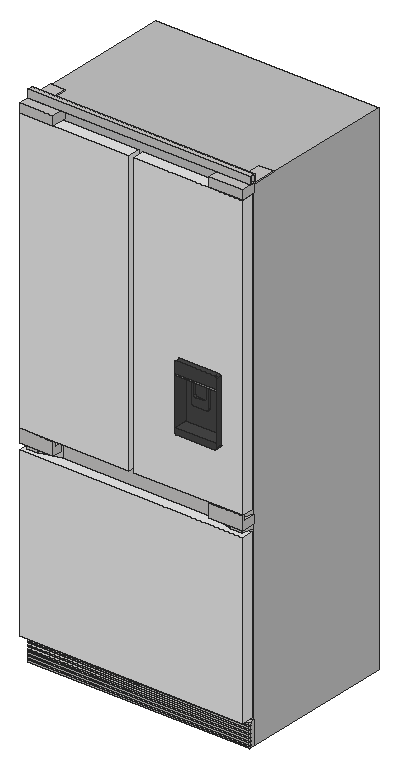
Revit family "FP_Revit_18_RS32A72U1_Fridge_90001164A", category Specialty Equipment, Revit 2018 (continued)
Definition of nested family "F&P Handle Kit - Contemporary Square - Vertical"
  Reference planes
    plane 2: z = 0
    plane 3 "Center (Left/Right)": x = 0
    plane 4 "Top": z = 363.5
    plane 5 "Bottom": z = -363.5
    plane 6 "Top Standoff": z = 243.5
    plane 7 "Bottom Standoff": z = -243.5
  Forms (mm)
    Extrusion 1, solid, material <- "Material - Handle", detail levels fine
      sketch origin (0, 0, 0) x (1, 0, 0) y (0, 1, 0)
        loop
          arc (-7.583, -28.701) -> (-7.89, -29.057) -> (-8, -29.514) r 1
          line (-8, -29.514) -> (-8, -40.5)
          arc (-8, -40.5) -> (-7.561, -41.561) -> (-6.5, -42) r 1.5
          line (-6.5, -42) -> (6.5, -42)
          arc (6.5, -42) -> (7.561, -41.561) -> (8, -40.5) r 1.5
          line (8, -40.5) -> (8, -29.487)
          arc (8, -29.487) -> (7.889, -29.029) -> (7.58, -28.673) r 1
          arc (7.58, -28.673) -> (-0.006, -26.256) -> (-7.583, -28.701) r 13.038
      from -363.5 to 363.5
    Extrusion 2, solid, material <- "Material - Handle", detail levels fine
      sketch origin (0, 0, 0) x (1, 0, 0) y (0, 1, 0)
        loop
          arc (7.058, -28.23) -> (7.466, -28.244) -> (7.674, -27.893) r 0.4
          line (7.674, -27.893) -> (7.674, 0) -> (-7.674, 0) -> (-7.674, -27.86)
          arc (-7.674, -27.86) -> (-7.467, -28.21) -> (-7.06, -28.198) r 0.4
          arc (-7.06, -28.198) -> (0.004, -26.156) -> (7.058, -28.23) r 13.136
      from 243.5 to 363.5
    Extrusion 3, solid, material <- "Material - Handle", detail levels fine
      sketch origin (0, 0, 0) x (1, 0, 0) y (0, 1, 0)
        loop
          arc (7.058, -28.23) -> (7.466, -28.244) -> (7.674, -27.893) r 0.4
          line (7.674, -27.893) -> (7.674, 0) -> (-7.674, 0) -> (-7.674, -27.86)
          arc (-7.674, -27.86) -> (-7.467, -28.21) -> (-7.06, -28.198) r 0.4
          arc (-7.06, -28.198) -> (0.004, -26.156) -> (7.058, -28.23) r 13.136
      from -363.5 to -243.5
    Sweep 4, void
      path in 3D
        loop
          line (-8, -29.514, 363.5) -> (-8, -40.5, 363.5)
          arc (-8, -40.5, 363.5) -> (-7.561, -41.561, 363.5) -> (-6.5, -42, 363.5) r 1.5
          line (-6.5, -42, 363.5) -> (6.5, -42, 363.5)
          arc (6.5, -42, 363.5) -> (7.561, -41.561, 363.5) -> (8, -40.5, 363.5) r 1.5
          line (8, -40.5, 363.5) -> (8, -29.487, 363.5)
      profile origin (8, -34.994, 363.5) x (-1, 0, 0) y (0, 0, 1)
        loop
          line (0, 0) -> (0, -1.3) -> (1.3, 0) -> (0, 0)
    Sweep 5, void
      path in 3D
        loop
          line (8, -29.487, -363.5) -> (8, -40.5, -363.5)
          arc (8, -40.5, -363.5) -> (7.561, -41.561, -363.5) -> (6.5, -42, -363.5) r 1.5
          line (6.5, -42, -363.5) -> (-6.5, -42, -363.5)
          arc (-6.5, -42, -363.5) -> (-7.561, -41.561, -363.5) -> (-8, -40.5, -363.5) r 1.5
          line (-8, -40.5, -363.5) -> (-8, -29.514, -363.5)
      profile origin (8, -34.994, -363.5) x (-1, 0, 0) y (0, 0, -1)
        loop
          line (0, 0) -> (0, -1.3) -> (1.3, 0) -> (0, 0)
    Extrusion 6, void
      sketch origin (0, 0, 0) x (1, 0, 0) y (0, 0, 1)
        loop
          line (-8, -362.2) -> (-8, -363.5) -> (-6.7, -363.5) -> (-8, -362.2)
        loop
          line (8, -362.2) -> (6.7, -363.5) -> (8, -363.5) -> (8, -362.2)
      from 0 to 40
    Extrusion 7, void
      sketch origin (0, 0, 0) x (1, 0, 0) y (0, 0, 1)
        loop
          line (-8, 363.5) -> (-8, 362.2) -> (-6.7, 363.5) -> (-8, 363.5)
        loop
          line (8, 363.5) -> (6.7, 363.5) -> (8, 362.2) -> (8, 363.5)
      from 0 to 40
    Extrusion 8, solid, material <- "Material - Handle", detail levels coarse+medium
      sketch origin (0, 0, 0) x (0, 1, 0) y (0, 0, 1)
        loop
          line (0, 363.5) -> (-42, 363.5) -> (-42, -363.5) -> (0, -363.5) -> (0, -243.5) -> (-26.245, -243.5) -> (-26.245, 243.5) -> (0, 243.5) -> (0, 363.5)
      from -8 to 8
  Cuts and joins
    Sweep 4, Sweep 5, Extrusion 6, Extrusion 7 cuts Extrusion 1
    Extrusion 6 cuts Extrusion 3
    Extrusion 7 cuts Extrusion 2
  Lines and regions (mm)
    sketch lines
      curve 1: line (8, -40.5, 363.5) -> (8, -29.487, 363.5)
      curve 2: arc (8, -40.5, 363.5) -> (7.561, -41.561, 363.5) -> (6.5, -42, 363.5) r 1.5
      curve 3: line (-6.5, -42, 363.5) -> (6.5, -42, 363.5)
      curve 4: arc (-6.5, -42, 363.5) -> (-7.561, -41.561, 363.5) -> (-8, -40.5, 363.5) r 1.5
      curve 5: line (-8, -29.514, 363.5) -> (-8, -40.5, 363.5)
      curve 6: line (8, -29.487, -363.5) -> (8, -40.5, -363.5)
      curve 7: arc (6.5, -42, -363.5) -> (7.561, -41.561, -363.5) -> (8, -40.5, -363.5) r 1.5
      curve 8: line (6.5, -42, -363.5) -> (-6.5, -42, -363.5)
      curve 9: arc (-8, -40.5, -363.5) -> (-7.561, -41.561, -363.5) -> (-6.5, -42, -363.5) r 1.5
      curve 10: line (-8, -40.5, -363.5) -> (-8, -29.514, -363.5)
  Dimensions and locks
    equal spacing: plane 4 "Top", level, plane 5 "Bottom"
    "Handle - Length": plane 4 "Top" to plane 5 "Bottom"
    locked: plane 4 "Top" to plane 6 "Top Standoff" at 120
    locked: plane 7 "Bottom Standoff" to plane 5 "Bottom" at 120
    aligned and locked: level to plane 2
    aligned and locked: plane 4 "Top" to Extrusion 2
    aligned and locked: Extrusion 2 to plane 6 "Top Standoff"
    aligned and locked: plane 4 "Top" to Extrusion 1
    aligned and locked: Extrusion 1 to plane 5 "Bottom"
    aligned and locked: Extrusion 3 to plane 5 "Bottom"
    aligned and locked: plane 7 "Bottom Standoff" to Extrusion 3
    aligned and locked: plane 4 "Top" to Extrusion 8 sketch curve
    aligned and locked: plane 6 "Top Standoff" to Extrusion 8 sketch curve
    aligned and locked: plane 7 "Bottom Standoff" to Extrusion 8 sketch curve
    aligned and locked: plane 5 "Bottom" to Extrusion 8 sketch curve
    aligned and locked: plane 1 "Center (Front/Back)" to Extrusion 8 sketch curve  (x2)
  Automatic sketch dimensions
    Extrusion 1 sketch curve to plane 3 "Center (Left/Right)" = 8 mm
    Extrusion 1 sketch curve to Extrusion 1 sketch curve = 1 mm  (x2)
    Extrusion 1 sketch curve to Extrusion 1 sketch curve = 1.5 mm
    plane 3 "Center (Left/Right)" to Extrusion 1 sketch curve = 0.018 mm
    plane 3 "Center (Left/Right)" to Extrusion 1 sketch curve = 6.5 mm
    plane 3 "Center (Left/Right)" to Extrusion 1 sketch curve = 7 mm
    plane 1 "Center (Front/Back)" to Extrusion 1 sketch curve = 42 mm
    Extrusion 1 sketch curve to Extrusion 1 sketch curve = 1.206 mm
    Extrusion 1 sketch curve to Extrusion 1 sketch curve = 10.986 mm
    Extrusion 1 sketch curve to Extrusion 1 sketch curve = 11.013 mm
    Extrusion 1 sketch curve to Extrusion 1 sketch curve = 0 mm
    plane 1 "Center (Front/Back)" to Extrusion 2 sketch curve = 0 mm
    Extrusion 2 sketch curve to plane 3 "Center (Left/Right)" = 7.674 mm
    Extrusion 2 sketch curve to Extrusion 2 sketch curve = 0.4 mm  (x2)
    Extrusion 2 sketch curve to plane 3 "Center (Left/Right)" = 0.026 mm
    plane 3 "Center (Left/Right)" to Extrusion 2 sketch curve = 7.274 mm
    plane 1 "Center (Front/Back)" to Extrusion 2 sketch curve = 27.86 mm
    Extrusion 2 sketch curve to Extrusion 2 sketch curve = 0.033 mm
    Extrusion 2 sketch curve to Extrusion 2 sketch curve = 11.398 mm
    Extrusion 2 sketch curve to Extrusion 2 sketch curve = 0 mm
    plane 1 "Center (Front/Back)" to Extrusion 3 sketch curve = 0 mm
    Extrusion 3 sketch curve to Extrusion 3 sketch curve = 0.4 mm  (x2)
    Extrusion 3 sketch curve to Extrusion 3 sketch curve = 7.248 mm
    Extrusion 3 sketch curve to Extrusion 3 sketch curve = 7.3 mm
    plane 1 "Center (Front/Back)" to Extrusion 3 sketch curve = 27.86 mm
    Extrusion 3 sketch curve to Extrusion 3 sketch curve = 0.033 mm
    Extrusion 3 sketch curve to Extrusion 3 sketch curve = 11.398 mm
    Extrusion 3 sketch curve to Extrusion 3 sketch curve = 0 mm
    Sweep 4 sketch curve to profile plane = 0 mm  (x2)
    Sweep 4 sketch curve to profile plane = 1.3 mm  (x2)
    Sweep 5 sketch curve to profile plane = 0 mm  (x2)
    Sweep 5 sketch curve to profile plane = 1.3 mm  (x2)
    Extrusion 6 sketch curve to plane 5 "Bottom" = 0 mm  (x2)
    plane 5 "Bottom" to Extrusion 6 sketch curve = 1.3 mm  (x2)
    Extrusion 6 sketch curve to plane 3 "Center (Left/Right)" = 8 mm
    Extrusion 6 sketch curve to Extrusion 6 sketch curve = 1.3 mm  (x2)
    plane 3 "Center (Left/Right)" to Extrusion 6 sketch curve = 8 mm
    Extrusion 7 sketch curve to plane 4 "Top" = 0 mm  (x2)
    Extrusion 7 sketch curve to plane 3 "Center (Left/Right)" = 8 mm
    Extrusion 7 sketch curve to Extrusion 7 sketch curve = 1.3 mm  (x2)
    plane 3 "Center (Left/Right)" to Extrusion 7 sketch curve = 8 mm
    Extrusion 7 sketch curve to plane 4 "Top" = 1.3 mm  (x2)
    plane 1 "Center (Front/Back)" to Extrusion 8 sketch curve = 26.245 mm
    plane 1 "Center (Front/Back)" to Extrusion 8 sketch curve = 42 mm
    Extrusion 3 sketch curve to plane 3 "Center (Left/Right)" = 7.674 mm
Definition of nested family "F&P Handle Kit - Professional Round - Horizontal"
  Parameters (values of type "AHCRS3272A - Professional round handle (2 of 2) (Horizontal) 646mm")
    URL = "www.fisherpaykel.com"
    Material - Standoff = none
    Material - Handle = none
    Manufacturer = "Fisher & Paykel Appliances"
    Handle - Length = 646 mm
  Types (5, lengths in mm): name | Handle - Length
    AHCRD2484W - Professional round handle (2 of 2) (Horizontal) 428mm | 428
    AHCRD3084W - Professional round handle (2 of 2) (Horizontal) 580mm | 646
    AHCRS3272A - Professional round handle (2 of 2) (Horizontal) 646mm | 646
    AHCRS36A - Professional round handle (2 of 2) (Horizontal) 746mm | 746
    AHCRS3272A - Professional round handle (2 of 2) (Horizontal) 580mm | 646
  Reference planes
    plane 1 "Center (Front/Back)": y = 0
    plane 2: z = 0
    plane 3 "Center (Left/Right)": x = 0
    plane 4 "Product LHS": x = -323
    plane 5 "Product RHS": x = 323
    plane 6 "LHS Standoff": x = -279
    plane 7 "RHS Standoff": x = 279
  Forms (mm)
    Extrusion 1, solid, material <- "Material - Standoff", detail levels fine
      sketch origin (0, 0, 0) x (0, 1, 0) y (0, 0, 1)
        loop
          line (0, 18.5) -> (-41.7, 18.5)
          arc (-41.7, 18.5) -> (-60.2, 0) -> (-41.7, -18.5) r 18.5
          line (-41.7, -18.5) -> (0, -18.5) -> (0, 18.5)
      from 279 to 323
    Extrusion 2, solid, material <- "Material - Standoff", detail levels fine
      sketch origin (0, 0, 0) x (0, 1, 0) y (0, 0, 1)
        loop
          line (0, 18.5) -> (-41.7, 18.5)
          arc (-41.7, 18.5) -> (-60.2, 0) -> (-41.7, -18.5) r 18.5
          line (-41.7, -18.5) -> (0, -18.5) -> (0, 18.5)
      from -323 to -279
    Sweep 3, void
      path in 3D
        loop
          line (323, 0, 18.5) -> (323, -41.7, 18.5)
          arc (323, -41.7, 18.5) -> (323, -60.2, 0) -> (323, -41.7, -18.5) r 18.5
          line (323, -41.7, -18.5) -> (323, 0, -18.5)
      profile origin (323, -20.85, 18.5) x (1, 0, 0) y (0, 0, 1)
        loop
          line (0, 0) -> (-3, 0) -> (0, -3) -> (0, 0)
    Sweep 4, void
      path in 3D
        loop
          line (-323, 0, -18.5) -> (-323, -41.7, -18.5)
          arc (-323, -41.7, -18.5) -> (-323, -60.2, 0) -> (-323, -41.7, 18.5) r 18.5
          line (-323, -41.7, 18.5) -> (-323, 0, 18.5)
      profile origin (-323, -20.85, 18.5) x (-1, 0, 0) y (0, 0, 1)
        loop
          line (0, 0) -> (-3, 0) -> (0, -3) -> (0, 0)
    Extrusion 5, solid, material <- "Material - Handle"
      sketch origin (0, -2.3, 0) x (0, 1, 0) y (0, 0, 1)
        loop
          circle (-39.4, 0) r 12.7
      from -279 to 279
    Extrusion 6, solid, material <- "Material - Standoff", detail levels coarse+medium
      sketch origin (0, 0, 0) x (0, 1, 0) y (0, 0, 1)
        loop
          line (0, 18.5) -> (-41.7, 18.5)
          arc (-41.7, 18.5) -> (-60.2, 0) -> (-41.7, -18.5) r 18.5
          line (-41.7, -18.5) -> (0, -18.5) -> (0, 18.5)
      from 323 to 279
    Extrusion 7, solid, material <- "Material - Standoff", detail levels coarse+medium
      sketch origin (0, 0, 0) x (0, 1, 0) y (0, 0, 1)
        loop
          line (0, 18.5) -> (-41.7, 18.5)
          arc (-41.7, 18.5) -> (-60.2, 0) -> (-41.7, -18.5) r 18.5
          line (-41.7, -18.5) -> (0, -18.5) -> (0, 18.5)
      from -279 to -323
  Cuts and joins
    Sweep 3 cuts Extrusion 1
    Sweep 4 cuts Extrusion 2
  Lines and regions (mm)
    sketch lines
      curve 1: line (323, 0, 18.5) -> (323, -41.7, 18.5)
      curve 2: arc (323, -41.7, -18.5) -> (323, -60.2, 0) -> (323, -41.7, 18.5) r 18.5
      curve 3: line (323, -41.7, -18.5) -> (323, 0, -18.5)
      curve 4: line (-323, -41.7, 18.5) -> (-323, 0, 18.5)
      curve 5: arc (-323, -41.7, 18.5) -> (-323, -60.2, 0) -> (-323, -41.7, -18.5) r 18.5
      curve 6: line (-323, 0, -18.5) -> (-323, -41.7, -18.5)
  Dimensions and locks
    equal spacing: plane 4 "Product LHS", plane 3 "Center (Left/Right)", plane 5 "Product RHS"
    "Handle - Length": plane 4 "Product LHS" to plane 5 "Product RHS"
    plane 4 "Product LHS" to plane 6 "LHS Standoff" = 44 mm
    plane 7 "RHS Standoff" to plane 5 "Product RHS" = 44 mm
    aligned and locked: level to plane 2
    aligned and locked: Extrusion 1 to plane 7 "RHS Standoff"
    aligned and locked: Extrusion 1 to plane 5 "Product RHS"
    aligned and locked: plane 4 "Product LHS" to Extrusion 2
    aligned and locked: plane 6 "LHS Standoff" to Extrusion 2
    aligned and locked: Extrusion 5 to plane 6 "LHS Standoff"
    aligned and locked: plane 7 "RHS Standoff" to Extrusion 5
    aligned and locked: plane 5 "Product RHS" to Extrusion 6
    aligned and locked: plane 7 "RHS Standoff" to Extrusion 6
    aligned and locked: Extrusion 7 to plane 4 "Product LHS"
    aligned and locked: Extrusion 7 to plane 6 "LHS Standoff"
  Automatic sketch dimensions
    Extrusion 1 sketch curve to level = 0 mm
    Extrusion 1 sketch curve to plane 1 "Center (Front/Back)" = 0 mm
    Extrusion 1 sketch curve to level = 18.5 mm
    plane 1 "Center (Front/Back)" to Extrusion 1 sketch curve = 41.7 mm
    Extrusion 2 sketch curve to level = 0 mm
    Extrusion 2 sketch curve to plane 1 "Center (Front/Back)" = 0 mm
    Extrusion 2 sketch curve to level = 18.5 mm
    plane 1 "Center (Front/Back)" to Extrusion 2 sketch curve = 41.7 mm
    Sweep 3 sketch curve to profile plane = 0 mm
    profile plane to Sweep 3 sketch curve = 0 mm
    profile plane to Sweep 3 sketch curve = 3 mm
    Sweep 3 sketch curve to profile plane = 3 mm
    Sweep 4 sketch curve to profile plane = 0 mm  (x2)
    profile plane to Sweep 4 sketch curve = 3 mm
    Sweep 4 sketch curve to profile plane = 3 mm
    Extrusion 5 sketch curve to level = 0 mm
    plane 1 "Center (Front/Back)" to Extrusion 5 sketch curve = 41.7 mm
    Extrusion 6 sketch curve to level = 0 mm
    level to Extrusion 6 sketch curve = 18.5 mm
    plane 1 "Center (Front/Back)" to Extrusion 6 sketch curve = 41.7 mm
    Extrusion 6 sketch curve to Extrusion 6 sketch curve = 41.7 mm
    Extrusion 7 sketch curve to level = 0 mm
    level to Extrusion 7 sketch curve = 18.5 mm
    plane 1 "Center (Front/Back)" to Extrusion 7 sketch curve = 41.7 mm
    Extrusion 7 sketch curve to Extrusion 7 sketch curve = 41.7 mm
    radius of Extrusion 5 sketch curve = 12.7 mm
Definition of nested family "F&P Handle Kit - Professional Round - Vertical"
  Parameters (values of type "AHCRS36A - Professional round handle (1 of 2) (Vertical) 661mm")
    URL = "www.fisherpaykel.com"
    Material - Standoff = none
    Material - Handle = none
    Manufacturer = "Fisher & Paykel Appliances"
    Handle - Length = 661 mm
  Types (5, lengths in mm): name | Handle - Length
    AHCRD2484W - Professional round handle (1 of 2) (Vertical) 661mm | 661
    AHCRD3084W - Professional round handle (1 of 2) (Vertical) 661mm | 661
    AHC-RD84 - Professional round handle (Vertical) 786mm | 786
    AHCRS3272A - Professional round handle (1 of 2) (Vertical) 661mm | 661
    AHCRS36A - Professional round handle (1 of 2) (Vertical) 661mm | 661
  Reference planes
    plane 1 "Center (Front/Back)": y = 0
    plane 2: z = 0
    plane 3 "Center (Left/Right)": x = 0
    plane 4 "Top": z = 330.5
    plane 5 "Bottom": z = -330.5
    plane 6 "Top Standoff": z = 286.5
    plane 7 "Bottom Standoff": z = -286.5
  Forms (mm)
    Extrusion 1, solid, material <- "Material - Standoff", detail levels fine
      sketch origin (0, 0, 0) x (1, 0, 0) y (0, 1, 0)
        loop
          line (-18.5, 0) -> (-18.5, -41.7)
          arc (-18.5, -41.7) -> (0, -60.2) -> (18.5, -41.7) r 18.5
          line (18.5, -41.7) -> (18.5, 0) -> (-18.5, 0)
      from 286.5 to 330.5
    Extrusion 2, solid, material <- "Material - Standoff", detail levels fine
      sketch origin (0, 0, 0) x (1, 0, 0) y (0, 1, 0)
        loop
          line (-18.5, 0) -> (-18.5, -41.7)
          arc (-18.5, -41.7) -> (0, -60.2) -> (18.5, -41.7) r 18.5
          line (18.5, -41.7) -> (18.5, 0) -> (-18.5, 0)
      from -330.5 to -286.5
    Extrusion 3, solid, material <- "Material - Handle"
      sketch origin (0, 0, 0) x (1, 0, 0) y (0, 1, 0)
        loop
          circle (0, -41.7) r 12.7
      from -286.5 to 286.5
    Sweep 4, void
      path in 3D
        loop
          line (-18.5, 0, 330.5) -> (-18.5, -41.7, 330.5)
          arc (-18.5, -41.7, 330.5) -> (0, -60.2, 330.5) -> (18.5, -41.7, 330.5) r 18.5
          line (18.5, -41.7, 330.5) -> (18.5, 0, 330.5)
      profile origin (18.5, -20.85, 330.5) x (-1, 0, 0) y (0, 0, 1)
        loop
          line (0, 0) -> (0, -3) -> (3, 0) -> (0, 0)
    Sweep 5, void
      path in 3D
        loop
          line (18.5, 0, -330.5) -> (18.5, -41.7, -330.5)
          arc (18.5, -41.7, -330.5) -> (0, -60.2, -330.5) -> (-18.5, -41.7, -330.5) r 18.5
          line (-18.5, -41.7, -330.5) -> (-18.5, 0, -330.5)
      profile origin (18.5, -20.85, -330.5) x (-1, 0, 0) y (0, 0, -1)
        loop
          line (0, 0) -> (0, -3) -> (3, 0) -> (0, 0)
    Extrusion 6, solid, material <- "Material - Standoff", detail levels coarse+medium
      sketch origin (0, 0, 0) x (1, 0, 0) y (0, 1, 0)
        loop
          line (-18.5, 0) -> (-18.5, -41.7)
          arc (-18.5, -41.7) -> (0, -60.2) -> (18.5, -41.7) r 18.5
          line (18.5, -41.7) -> (18.5, 0) -> (-18.5, 0)
      from 286.5 to 330.5
    Extrusion 7, solid, material <- "Material - Standoff", detail levels coarse+medium
      sketch origin (0, 0, 0) x (1, 0, 0) y (0, 1, 0)
        loop
          line (-18.5, 0) -> (-18.5, -41.7)
          arc (-18.5, -41.7) -> (0, -60.2) -> (18.5, -41.7) r 18.5
          line (18.5, -41.7) -> (18.5, 0) -> (-18.5, 0)
      from -330.5 to -286.5
  Cuts and joins
    Sweep 4 cuts Extrusion 1
    Sweep 5 cuts Extrusion 2
  Lines and regions (mm)
    sketch lines
      curve 1: line (18.5, -41.7, 330.5) -> (18.5, 0, 330.5)
      curve 2: arc (18.5, -41.7, 330.5) -> (0, -60.2, 330.5) -> (-18.5, -41.7, 330.5) r 18.5
      curve 3: line (-18.5, 0, 330.5) -> (-18.5, -41.7, 330.5)
      curve 4: line (18.5, 0, -330.5) -> (18.5, -41.7, -330.5)
      curve 5: arc (-18.5, -41.7, -330.5) -> (0, -60.2, -330.5) -> (18.5, -41.7, -330.5) r 18.5
      curve 6: line (-18.5, -41.7, -330.5) -> (-18.5, 0, -330.5)
  Dimensions and locks
    equal spacing: plane 4 "Top", level, plane 5 "Bottom"
    "Handle - Length": plane 4 "Top" to plane 5 "Bottom"
    plane 4 "Top" to plane 6 "Top Standoff" = 44 mm
    plane 7 "Bottom Standoff" to plane 5 "Bottom" = 44 mm
    aligned and locked: level to plane 2
    aligned and locked: plane 4 "Top" to Extrusion 1
    aligned and locked: Extrusion 1 to plane 6 "Top Standoff"
    aligned and locked: Extrusion 2 to plane 5 "Bottom"
    aligned and locked: plane 7 "Bottom Standoff" to Extrusion 2
    aligned and locked: plane 6 "Top Standoff" to Extrusion 3
    aligned and locked: Extrusion 3 to plane 7 "Bottom Standoff"
    aligned and locked: plane 4 "Top" to Extrusion 6
    aligned and locked: Extrusion 7 to plane 5 "Bottom"
    aligned and locked: plane 7 "Bottom Standoff" to Extrusion 7
    aligned and locked: Extrusion 6 to plane 6 "Top Standoff"
  Automatic sketch dimensions
    plane 1 "Center (Front/Back)" to Extrusion 1 sketch curve = 0 mm
    Extrusion 1 sketch curve to plane 3 "Center (Left/Right)" = 0 mm
    Extrusion 1 sketch curve to plane 3 "Center (Left/Right)" = 18.5 mm
    plane 1 "Center (Front/Back)" to Extrusion 1 sketch curve = 41.7 mm
    plane 1 "Center (Front/Back)" to Extrusion 2 sketch curve = 0 mm
    Extrusion 2 sketch curve to plane 3 "Center (Left/Right)" = 0 mm
    Extrusion 2 sketch curve to plane 3 "Center (Left/Right)" = 18.5 mm
    plane 1 "Center (Front/Back)" to Extrusion 2 sketch curve = 41.7 mm
    Extrusion 3 sketch curve to plane 3 "Center (Left/Right)" = 0 mm
    plane 1 "Center (Front/Back)" to Extrusion 3 sketch curve = 41.7 mm
    Sweep 4 sketch curve to profile plane = 0 mm  (x2)
    Sweep 4 sketch curve to profile plane = 3 mm  (x2)
    Sweep 5 sketch curve to profile plane = 0 mm  (x2)
    Sweep 5 sketch curve to profile plane = 3 mm  (x2)
    Extrusion 6 sketch curve to plane 3 "Center (Left/Right)" = 0 mm
    Extrusion 6 sketch curve to plane 3 "Center (Left/Right)" = 18.5 mm
    plane 1 "Center (Front/Back)" to Extrusion 6 sketch curve = 41.7 mm
    Extrusion 6 sketch curve to Extrusion 6 sketch curve = 41.7 mm
    Extrusion 7 sketch curve to plane 3 "Center (Left/Right)" = 0 mm
    Extrusion 7 sketch curve to plane 3 "Center (Left/Right)" = 18.5 mm
    plane 1 "Center (Front/Back)" to Extrusion 7 sketch curve = 41.7 mm
    Extrusion 7 sketch curve to Extrusion 7 sketch curve = 41.7 mm
    radius of Extrusion 3 sketch curve = 12.7 mm
Definition of nested family "F&P Handle Kit - Professional Square - Horizontal"
  Parameters (values of type "AHV2RS36A - Professional square handle (2 of 2) (Horizontal) 686mm")
    URL = "www.fisherpaykel.com"
    Material - Handle = none
    Manufacturer = "Fisher & Paykel Appliances"
    Handle - Length = 686 mm
  Types (5, lengths in mm): name | Handle - Length
    (no name) | 686
    AHV2RD2484W - Professional square handle (2 of 2) (Horizontal) 434mm | 434
    AHV2RD3084W - Professional square handle (2 of 2) (Horizontal) 586mm | 586
    AHV2RS3272A - Professional square handle (2 of 2) (Horizontal) 586mm | 586
    AHV2RS36A - Professional square handle (2 of 2) (Horizontal) 686mm | 686
  Reference planes
    plane 1 "Center (Front/Back)": y = 0
    plane 2: z = 0
    plane 3 "Center (Left/Right)": x = 0
    plane 4 "Product LHS": x = -343
    plane 5 "Product RHS": x = 343
    plane 6 "LHS Standoff": x = -293
    plane 7 "RHS Standoff": x = 293
  Forms (mm)
    Extrusion 1, solid, material <- "Material - Handle", detail levels fine
      sketch origin (0, 0, 0) x (1, 0, 0) y (0, 1, 0)
        loop
          line (-343, 0) -> (-343, -40)
          arc (-343, -40) -> (-340.071, -47.071) -> (-333, -50) r 10
          line (-333, -50) -> (-293, -50) -> (-293, 0) -> (-343, 0)
        loop
          line (343, 0) -> (293, 0) -> (293, -50) -> (333, -50)
          arc (333, -50) -> (340.071, -47.071) -> (343, -40) r 10
          line (343, -40) -> (343, 0)
      from -17.5 to 17.5
    Extrusion 2, solid, material <- "Material - Handle", detail levels fine
      sketch origin (0, 0, 0) x (0, 1, 0) y (0, 0, 1)
        loop
          line (-36.787, 15.5) -> (-46.472, 15.5) -> (-47.8, 14.172) -> (-47.8, -14.172) -> (-46.472, -15.5) -> (-36.787, -15.5)
          arc (-36.787, -15.5) -> (-32.3, 0) -> (-36.787, 15.5) r 29.013
      from -293 to 293
    Sweep 3, void
      path in 3D
        loop
          line (293, -50, 17.5) -> (333, -50, 17.5)
          arc (333, -50, 17.5) -> (340.071, -47.071, 17.5) -> (343, -40, 17.5) r 10
          line (343, -40, 17.5) -> (343, 0, 17.5)
      profile origin (343, -20, 17.5) x (-1, 0, 0) y (0, 0, 1)
        loop
          line (0, 0) -> (0, -2.5) -> (2.5, 0) -> (0, 0)
    Sweep 4, void
      path in 3D
        loop
          line (343, 0, -17.5) -> (343, -40, -17.5)
          arc (343, -40, -17.5) -> (340.071, -47.071, -17.5) -> (333, -50, -17.5) r 10
          line (333, -50, -17.5) -> (293, -50, -17.5)
      profile origin (343, -20, -17.5) x (-1, 0, 0) y (0, 0, -1)
        loop
          line (0, 0) -> (0, -2.5) -> (2.5, 0) -> (0, 0)
    Sweep 5, void
      path in 3D
        loop
          line (-343, 0, 17.5) -> (-343, -40, 17.5)
          arc (-343, -40, 17.5) -> (-340.071, -47.071, 17.5) -> (-333, -50, 17.5) r 10
          line (-333, -50, 17.5) -> (-293, -50, 17.5)
      profile origin (-343, -20, 17.5) x (1, 0, 0) y (0, 0, 1)
        loop
          line (0, 0) -> (0, -2.5) -> (2.5, 0) -> (0, 0)
    Sweep 6, void
      path in 3D
        loop
          line (-293, -50, -17.5) -> (-333, -50, -17.5)
          arc (-333, -50, -17.5) -> (-340.071, -47.071, -17.5) -> (-343, -40, -17.5) r 10
          line (-343, -40, -17.5) -> (-343, 0, -17.5)
      profile origin (-343, -20, -17.5) x (1, 0, 0) y (0, 0, -1)
        loop
          line (0, 0) -> (0, -2.5) -> (2.5, 0) -> (0, 0)
    Extrusion 7, solid, material <- "Material - Handle", detail levels coarse+medium
      sketch origin (0, 0, 0) x (1, 0, 0) y (0, 1, 0)
        loop
          line (-293, 0) -> (-343, 0) -> (-343, -40)
          arc (-343, -40) -> (-340.071, -47.071) -> (-333, -50) r 10
          line (-333, -50) -> (333, -50)
          arc (333, -50) -> (340.071, -47.071) -> (343, -40) r 10
          line (343, -40) -> (343, 0) -> (293, 0) -> (293, -32) -> (-293, -32) -> (-293, 0)
      from -17.5 to 17.5
  Cuts and joins
    Sweep 3, Sweep 4, Sweep 5, Sweep 6 cuts Extrusion 1
  Lines and regions (mm)
    sketch lines
      curve 1: line (343, -40, 17.5) -> (343, 0, 17.5)
      curve 2: arc (343, -40, 17.5) -> (340.071, -47.071, 17.5) -> (333, -50, 17.5) r 10
      curve 3: line (293, -50, 17.5) -> (333, -50, 17.5)
      curve 4: line (343, 0, -17.5) -> (343, -40, -17.5)
      curve 5: arc (333, -50, -17.5) -> (340.071, -47.071, -17.5) -> (343, -40, -17.5) r 10
      curve 6: line (333, -50, -17.5) -> (293, -50, -17.5)
      curve 7: line (-343, 0, 17.5) -> (-343, -40, 17.5)
      curve 8: arc (-333, -50, 17.5) -> (-340.071, -47.071, 17.5) -> (-343, -40, 17.5) r 10
      curve 9: line (-333, -50, 17.5) -> (-293, -50, 17.5)
      curve 10: line (-343, -40, -17.5) -> (-343, 0, -17.5)
      curve 11: arc (-343, -40, -17.5) -> (-340.071, -47.071, -17.5) -> (-333, -50, -17.5) r 10
      curve 12: line (-293, -50, -17.5) -> (-333, -50, -17.5)
  Dimensions and locks
    equal spacing: plane 4 "Product LHS", plane 3 "Center (Left/Right)", plane 5 "Product RHS"
    "Handle - Length": plane 4 "Product LHS" to plane 5 "Product RHS"
    plane 4 "Product LHS" to plane 6 "LHS Standoff" = 50 mm
    plane 7 "RHS Standoff" to plane 5 "Product RHS" = 50 mm
    aligned and locked: level to plane 2
    aligned and locked: plane 5 "Product RHS" to Extrusion 1 sketch curve
    aligned and locked: Extrusion 1 sketch curve to plane 1 "Center (Front/Back)"
    aligned and locked: plane 1 "Center (Front/Back)" to Extrusion 1 sketch curve
    aligned and locked: Extrusion 1 sketch curve to plane 6 "LHS Standoff"
    aligned and locked: Extrusion 1 sketch curve to plane 7 "RHS Standoff"
    aligned and locked: plane 7 "RHS Standoff" to Extrusion 2
    aligned and locked: Extrusion 2 to plane 6 "LHS Standoff"
    aligned and locked: plane 5 "Product RHS" to Extrusion 7 sketch curve
    aligned and locked: Extrusion 7 sketch curve to plane 7 "RHS Standoff"
    aligned and locked: plane 6 "LHS Standoff" to Extrusion 7 sketch curve
    aligned and locked: plane 4 "Product LHS" to Extrusion 7 sketch curve
    aligned and locked: Extrusion 7 sketch curve to plane 1 "Center (Front/Back)"
    aligned and locked: plane 1 "Center (Front/Back)" to Extrusion 7 sketch curve
  Automatic sketch dimensions
    Extrusion 1 sketch curve to plane 4 "Product LHS" = 0 mm
    Extrusion 1 sketch curve to plane 4 "Product LHS" = 10 mm
    plane 5 "Product RHS" to Extrusion 1 sketch curve = 10 mm
    Extrusion 1 sketch curve to Extrusion 1 sketch curve = 40 mm  (x2)
    level to Extrusion 2 sketch curve = 0 mm
    plane 1 "Center (Front/Back)" to Extrusion 2 sketch curve = 61.313 mm
    Extrusion 2 sketch curve to Extrusion 2 sketch curve = 13.513 mm
    Extrusion 2 sketch curve to Extrusion 2 sketch curve = 1.328 mm  (x4)
    Extrusion 2 sketch curve to Extrusion 2 sketch curve = 9.684 mm  (x2)
    Extrusion 2 sketch curve to Extrusion 2 sketch curve = 14.172 mm
    Sweep 3 sketch curve to profile plane = 0 mm  (x2)
    Sweep 3 sketch curve to profile plane = 2.5 mm  (x2)
    Sweep 4 sketch curve to profile plane = 0 mm  (x2)
    Sweep 4 sketch curve to profile plane = 2.5 mm  (x2)
    profile plane to Sweep 5 sketch curve = 0 mm
    Sweep 5 sketch curve to profile plane = 0 mm
    Sweep 5 sketch curve to profile plane = 2.5 mm  (x2)
    profile plane to Sweep 6 sketch curve = 0 mm
    Sweep 6 sketch curve to profile plane = 0 mm
    Sweep 6 sketch curve to profile plane = 2.5 mm  (x2)
    Extrusion 7 sketch curve to plane 4 "Product LHS" = 10 mm
    plane 5 "Product RHS" to Extrusion 7 sketch curve = 10 mm
    plane 1 "Center (Front/Back)" to Extrusion 7 sketch curve = 32 mm
    plane 1 "Center (Front/Back)" to Extrusion 7 sketch curve = 40 mm
Definition of nested family "F&P Handle Kit - Professional Square - Vertical"
  Parameters (values of type "AHV2RS36A - Professional square handle (1 of 2) (Vertical) 727mm")
    URL = "www.fisherpaykel.com"
    Material - Handle = none
    Manufacturer = "Fisher & Paykel Appliances"
    Handle - Length = 727 mm
  Types (6, lengths in mm): name | Handle - Length
    (no name) | 727
    AHV2RD2484W - Professional square handle (1 of 2) (Vertical) 727mm | 727
    AHV2RD3084W - Professional square handle (1 of 2) (Vertical) 727mm | 727
    AHV2-RD84 - Professional square handle (Vertical) 792mm | 792
    AHV2RS3272A - Professional square handle (1 of 2) (Vertical) 727mm | 727
    AHV2RS36A - Professional square handle (1 of 2) (Vertical) 727mm | 727
  Reference planes
    plane 1 "Center (Front/Back)": y = 0
    plane 2: z = 0
    plane 3 "Center (Left/Right)": x = 0
    plane 4 "Top": z = 363.5
    plane 5 "Bottom": z = -363.5
    plane 6 "Top Standoff": z = 313.5
    plane 7 "Bottom Standoff": z = -313.5
  Forms (mm)
    Extrusion 1, solid, material <- "Material - Handle", detail levels fine
      sketch origin (0, 0, 0) x (0, 1, 0) y (0, 0, 1)
        loop
          line (0, 363.5) -> (-40, 363.5)
          arc (-40, 363.5) -> (-47.071, 360.571) -> (-50, 353.5) r 10
          line (-50, 353.5) -> (-50, 313.5) -> (0, 313.5) -> (0, 363.5)
        loop
          line (0, -363.5) -> (0, -313.5) -> (-50, -313.5) -> (-50, -353.5)
          arc (-50, -353.5) -> (-47.071, -360.571) -> (-40, -363.5) r 10
          line (-40, -363.5) -> (0, -363.5)
      from -17.5 to 17.5
    Sweep 2, void
      path in 3D
        loop
          line (17.5, 0, 363.5) -> (17.5, -40, 363.5)
          arc (17.5, -40, 363.5) -> (17.5, -47.071, 360.571) -> (17.5, -50, 353.5) r 10
          line (17.5, -50, 353.5) -> (17.5, -50, 313.5)
      profile origin (17.5, -20, 363.5) x (1, 0, 0) y (0, 0, 1)
        loop
          line (0, 0) -> (-2.5, 0) -> (0, -2.5) -> (0, 0)
    Sweep 3, void
      path in 3D
        loop
          line (-17.5, -50, 313.5) -> (-17.5, -50, 353.5)
          arc (-17.5, -50, 353.5) -> (-17.5, -47.071, 360.571) -> (-17.5, -40, 363.5) r 10
          line (-17.5, -40, 363.5) -> (-17.5, 0, 363.5)
      profile origin (-17.5, -20, 363.5) x (-1, 0, 0) y (0, 0, 1)
        loop
          line (0, 0) -> (-2.5, 0) -> (0, -2.5) -> (0, 0)
    Sweep 4, void
      path in 3D
        loop
          line (17.5, -50, -313.5) -> (17.5, -50, -353.5)
          arc (17.5, -50, -353.5) -> (17.5, -47.071, -360.571) -> (17.5, -40, -363.5) r 10
          line (17.5, -40, -363.5) -> (17.5, 0, -363.5)
      profile origin (17.5, -20, -363.5) x (1, 0, 0) y (0, 0, -1)
        loop
          line (0, 0) -> (-2.5, 0) -> (0, -2.5) -> (0, 0)
    Sweep 5, void
      path in 3D
        loop
          line (-17.5, 0, -363.5) -> (-17.5, -40, -363.5)
          arc (-17.5, -40, -363.5) -> (-17.5, -47.071, -360.571) -> (-17.5, -50, -353.5) r 10
          line (-17.5, -50, -353.5) -> (-17.5, -50, -313.5)
      profile origin (-17.5, -20, -363.5) x (-1, 0, 0) y (0, 0, -1)
        loop
          line (0, 0) -> (-2.5, 0) -> (0, -2.5) -> (0, 0)
    Extrusion 6, solid, material <- "Material - Handle", detail levels fine
      sketch origin (0, 0, 0) x (1, 0, 0) y (0, 1, 0)
        loop
          line (-15.5, -36.737) -> (-15.5, -46.422) -> (-14.172, -47.75) -> (14.172, -47.75) -> (15.5, -46.422) -> (15.5, -36.737)
          arc (15.5, -36.737) -> (0, -32.25) -> (-15.5, -36.737) r 29.013
      from -313.5 to 313.5
    Extrusion 7, solid, material <- "Material - Handle", detail levels coarse+medium
      sketch origin (0, 0, 0) x (0, 1, 0) y (0, 0, 1)
        loop
          line (0, 363.5) -> (-40, 363.5)
          arc (-40, 363.5) -> (-47.071, 360.571) -> (-50, 353.5) r 10
          line (-50, 353.5) -> (-50, -353.5)
          arc (-50, -353.5) -> (-47.071, -360.571) -> (-40, -363.5) r 10
          line (-40, -363.5) -> (0, -363.5) -> (0, -313.5) -> (-31.95, -313.5) -> (-31.95, 313.5) -> (0, 313.5) -> (0, 363.5)
      from -17.5 to 17.5
  Cuts and joins
    Sweep 2, Sweep 3, Sweep 4, Sweep 5 cuts Extrusion 1
  Lines and regions (mm)
    sketch lines
      curve 1: line (17.5, 0, 363.5) -> (17.5, -40, 363.5)
      curve 2: arc (17.5, -50, 353.5) -> (17.5, -47.071, 360.571) -> (17.5, -40, 363.5) r 10
      curve 3: line (17.5, -50, 353.5) -> (17.5, -50, 313.5)
      curve 4: line (-17.5, -40, 363.5) -> (-17.5, 0, 363.5)
      curve 5: arc (-17.5, -40, 363.5) -> (-17.5, -47.071, 360.571) -> (-17.5, -50, 353.5) r 10
      curve 6: line (-17.5, -50, 313.5) -> (-17.5, -50, 353.5)
      curve 7: line (17.5, -40, -363.5) -> (17.5, 0, -363.5)
      curve 8: arc (17.5, -40, -363.5) -> (17.5, -47.071, -360.571) -> (17.5, -50, -353.5) r 10
      curve 9: line (17.5, -50, -313.5) -> (17.5, -50, -353.5)
      curve 10: line (-17.5, 0, -363.5) -> (-17.5, -40, -363.5)
      curve 11: arc (-17.5, -50, -353.5) -> (-17.5, -47.071, -360.571) -> (-17.5, -40, -363.5) r 10
      curve 12: line (-17.5, -50, -353.5) -> (-17.5, -50, -313.5)
  Dimensions and locks
    equal spacing: plane 4 "Top", level, plane 5 "Bottom"
    "Handle - Length": plane 4 "Top" to plane 5 "Bottom"
    plane 7 "Bottom Standoff" to plane 5 "Bottom" = 50 mm
    plane 4 "Top" to plane 6 "Top Standoff" = 50 mm
    aligned and locked: level to plane 2
    aligned and locked: plane 4 "Top" to Extrusion 1 sketch curve
    aligned and locked: plane 5 "Bottom" to Extrusion 1 sketch curve
    aligned and locked: Extrusion 1 sketch curve to plane 1 "Center (Front/Back)"
    aligned and locked: plane 1 "Center (Front/Back)" to Extrusion 1 sketch curve
    aligned and locked: plane 6 "Top Standoff" to Extrusion 1 sketch curve
    aligned and locked: plane 7 "Bottom Standoff" to Extrusion 1 sketch curve
    aligned and locked: plane 6 "Top Standoff" to Extrusion 6
    aligned and locked: Extrusion 6 to plane 7 "Bottom Standoff"
    aligned and locked: plane 4 "Top" to Extrusion 7 sketch curve
    aligned and locked: plane 6 "Top Standoff" to Extrusion 7 sketch curve
    aligned and locked: plane 1 "Center (Front/Back)" to Extrusion 7 sketch curve
    aligned and locked: plane 7 "Bottom Standoff" to Extrusion 7 sketch curve
    aligned and locked: plane 5 "Bottom" to Extrusion 7 sketch curve
    aligned and locked: Extrusion 7 sketch curve to plane 1 "Center (Front/Back)"
  Automatic sketch dimensions
    Sweep 2 sketch curve to profile plane = 0 mm
    profile plane to Sweep 2 sketch curve = 0 mm
    profile plane to Sweep 2 sketch curve = 2.5 mm
    Sweep 2 sketch curve to profile plane = 2.5 mm
    Sweep 3 sketch curve to profile plane = 0 mm  (x2)
    profile plane to Sweep 3 sketch curve = 2.5 mm
    Sweep 3 sketch curve to profile plane = 2.5 mm
    Sweep 4 sketch curve to profile plane = 0 mm
    profile plane to Sweep 4 sketch curve = 0 mm
    profile plane to Sweep 4 sketch curve = 2.5 mm
    Sweep 4 sketch curve to profile plane = 2.5 mm
    Sweep 5 sketch curve to profile plane = 0 mm  (x2)
    profile plane to Sweep 5 sketch curve = 2.5 mm
    Sweep 5 sketch curve to profile plane = 2.5 mm
    plane 1 "Center (Front/Back)" to Extrusion 1 sketch curve = 40 mm  (x2)
    Extrusion 1 sketch curve to Extrusion 1 sketch curve = 10 mm  (x2)
    Extrusion 6 sketch curve to plane 3 "Center (Left/Right)" = 0 mm
    Extrusion 6 sketch curve to Extrusion 6 sketch curve = 1.328 mm  (x4)
    plane 1 "Center (Front/Back)" to Extrusion 6 sketch curve = 61.263 mm
    Extrusion 6 sketch curve to Extrusion 6 sketch curve = 13.513 mm
    Extrusion 6 sketch curve to Extrusion 6 sketch curve = 9.684 mm  (x2)
    Extrusion 6 sketch curve to plane 3 "Center (Left/Right)" = 14.172 mm
    plane 1 "Center (Front/Back)" to Extrusion 7 sketch curve = 31.95 mm
    plane 1 "Center (Front/Back)" to Extrusion 7 sketch curve = 40 mm  (x2)
    Extrusion 7 sketch curve to plane 4 "Top" = 10 mm
Definition of nested family "Comment Marker 2D"
  Types (3): name
    New
    Resolved
    Active
  Reference planes
    plane 1: y = 0
    plane 2: x = 0
  Text (mm)
    text "Edit Type: \nTo control handle kit \nand door panel visibility\n options\n\nDelete unwanted kits \nto reduce file size" at (-0.165, 35.556, 0)
